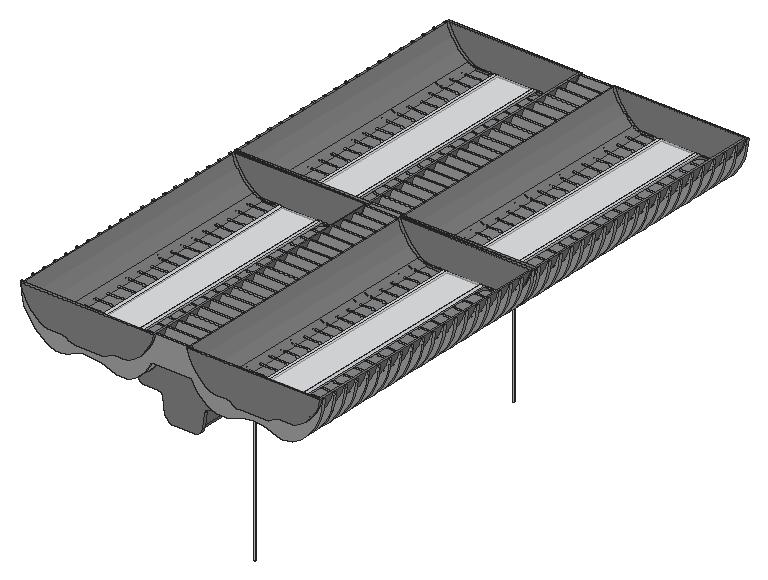
Revit family "0039271 Feilo Sylvania Lighting Fixtures SYLBAY LED 4000K 37KLM AISLE DALI", category Lighting Fixtures, host Face, Revit 2017
Family settings
  Host = Face
  Round Connector Dimension = Use Diameter
  Part Type = Normal
  OmniClass Number = 23.80.70.00
  OmniClass Title = Lighting
  Cut with Voids When Loaded = No
  Light Source = Yes
  Shared = No
  Room Calculation Point = No
Parameters (values of type "0039271 SYLBAY LED 4000K 37KLM AISLE DALI")
  WireRadius_FEILO = 1 mm
  Weight = "8.9 kg"
  Wattage Comments = "n/a"
  Wattage = 290 W
  WarrantyStartDate [instance] = "n/a"
  WarrantyGuarantorParts = "n/a"
  WarrantyDurationUnit = "n/a"
  WarrantyDurationParts = "n/a"
  WarrantyDescription = "n/a"
  built-in parameter 1150110 = 1 (stored number, unit not read)
  Voltage = 230 V
  URL = "http://www.sylvania-lighting.com"
  TypeName = "SYLBAY LED 4000K 37KLM AISLE DALI"
  Type Image = <None>
  Type Comments = "n/a"
  built-in parameter 1114217 = 1 (stored number, unit not read)
  Tilt Angle = -90.00°
  built-in parameter 1150109 = 1 (stored number, unit not read)
  built-in parameter 1150134 = 12
  SuspensionHeight_FEILO [instance] = if(SurfaceMounted_FEILO, 107 mm, SuspensionHeightEntry_FEILO)  # 300 mm
  SuspensionHeightEntry_FEILO [instance] = 300 mm
  SurfaceMounted_FEILO [instance] = no
  built-in parameter 1150113 = 1 (stored number, unit not read)
  SerialNumber [instance] = "n/a"
  ReflectorMaterial = none
  PowerFactor = 0
  PowerConsumption = "290 W"
  Photometric Web File = "0039271.ies"
  NominalLength = 650 mm
  NominalHeight = 105 mm
  NominalDepth = 375 mm
  Name = "SYLBAY LED 4000K 37KLM AISLE DALI"
  ModelReference = "SYLBAY LED 4000K 37KLM AISLE DALI"
  ModelNumber = "0039271"
  Model = "SYLBAY LED 4000K 37KLM AISLE DALI"
  Material = "aluminium housing"
  ManufacturerName = "Feilo Sylvania"
  Manufacturer = "Feilo Sylvania"
  LuminousEfficacy = "126.7 lm/W"
  built-in parameter 1150105 = 44975.8 (stored number, unit not read)
  Lumens = 36743 lm
  LuminaireType = ""
  built-in parameter 1150115 = 1 (stored number, unit not read)
  LightOutputRatio = "100"
  built-in parameter 1150137 = (empty or 0)
  built-in parameter 1150139 = (empty or 0)
  LampsType = Lamp  # "LED"
  LampNominalLuminous = "36616 lm"
  LampMacAdamStep = "n/a"
  LampColourTemperature = "4000 K"
  LampColourRenderingIndex = "80"
  built-in parameter 1150112 = 1 (stored number, unit not read)
  built-in parameter 1150114 = 1 (stored number, unit not read)
  Lamp = "LED"
  Keynote = "16500"
  InstallationDate [instance] = "n/a"
  InputVoltage = "220-240V~"
  InputNominalFrequency = "50/60 Hz"
  built-in parameter 1150132 = (empty or 0)
  built-in parameter 1150102 = (empty or 0)
  built-in parameter 1150107 = 4000 (stored number, unit not read)
  built-in parameter 1150138 = (empty or 0)
  IngressProtection = "IP65"
  ImpactProtectionIndex = "IK08"
  built-in parameter 1150106 = 449.76 (stored number, unit not read)
  IfcExportType = "IfcLightFixtureType"
  IfcExportAs = "IfcLightFixtureType"
  ExpectedLife = 50000
  Emit from Rectangle Width = 365 mm
  Emit from Rectangle Length = 645 mm
  Emit Shape Visible in Rendering = no
  ElectricShockClassification = "Class I"
  built-in parameter 1150104 = 11.771 (stored number, unit not read)
  DurationUnit = "hours"
  DocumentationLiterature = "http://www.sylvania-lighting.com/product/en-int/products/0039271"
  DimmingControlOptions = "Dimmable"
  Dimming Lamp Color Temperature Shift = <None>
  DiffuserMaterial = Diffuser-Sylvania-Sylbay-Transparent
  Description = "Specification industrial high bay luminaire, robust and durable, slim design, high output and efficiency, lightweight, aluminium housing with shatter-resistant polycarbonate lens optic, 36,600 lumens, 290W, 126lm/W, 4000K, 2100mA (x2), CRI 80, aisle beam optic, DALI dimmable, IP65, IK08, 100,000 hrs (L90B10), (LxWxH) 665x375x105mm, 3 step MacAdam ellipse, 8.9kg, aluminium finish, Class 1, 220-240V, integrated LED, energy class: A++, A+, A."
  Default Elevation = 1219.2 mm
  CreatedOn = "17/11/2017"
  CreatedBy = ""
  Cost = 0
  Color Filter = 16777215
  built-in parameter 1114216 [instance] = (empty or 0)
  BodyMaterial = Body-Sylvania-Sylbay-Aluminium
  BarCode [instance] = "n/a"
  built-in parameter 1114218 = 1 (stored number, unit not read)
  built-in parameter 1150133 = 10 (stored number, unit not read)
  AssetType = "Fixed"
  AssetIdentifier [instance] = "n/a"
  Assembly Code = "D5020200"
  Apparent Load = 290 VA
  AccessoryMaterial = Accesory-Sylvania-Sylbay-White
Reference planes
  plane 1 "Center (Front/Back)": y = 0
  plane 2: z = 0
  plane 3 "Center (Left/Right)": x = 0
  plane 4: z = 300
  plane 5: y = -307
  plane 6: y = 200
  plane 7: y = -200
  plane 8: z = 237.522
  plane 9: z = 246.272
  plane 10: z = 227.522
  plane 11: z = 266.272
  plane 12: z = 256.272
  plane 13: z = 262.272
  plane 14: y = 307
  plane 15: y = -1
  plane 16: y = 1
  plane 17: y = -310
  plane 18: y = 310
  plane 19: z = 195
  plane 20: z = 193
Forms (mm)
  Extrusion 1, solid, material "Accesory-Sylvania-Sylbay-White" <- "AccessoryMaterial"
    sketch origin (0, 0, 0) x (1, 0, 0) y (0, 0, 1)
      loop
        arc (-39.258, 246.272) -> (-44.534, 242.283) -> (-50.507, 239.445) r 32.519
        arc (-50.507, 239.445) -> (-54.463, 232.388) -> (-48, 227.522) r 6.147
        line (-48, 227.522) -> (-32.102, 227.522)
        arc (-32.102, 227.522) -> (-26.92, 225.616) -> (-24.206, 220.808) r 8
        line (-24.206, 220.808) -> (-21.094, 201.713)
        arc (-21.094, 201.713) -> (-18.38, 196.905) -> (-13.198, 195) r 8
        line (-13.198, 195) -> (13.198, 195)
        arc (13.198, 195) -> (18.393, 196.916) -> (21.099, 201.746) r 8
        line (21.099, 201.746) -> (24.206, 220.808)
        arc (24.206, 220.808) -> (26.92, 225.616) -> (32.102, 227.522) r 8
        line (32.102, 227.522) -> (48, 227.522)
        arc (48, 227.522) -> (54.463, 232.388) -> (50.507, 239.445) r 6.147
        arc (50.507, 239.445) -> (44.534, 242.283) -> (39.258, 246.272) r 32.519
        arc (39.258, 246.272) -> (31.199, 255.531) -> (25.254, 266.272) r 58.361
        line (25.254, 266.272) -> (-25.254, 266.272)
        arc (-25.254, 266.272) -> (-31.199, 255.531) -> (-39.258, 246.272) r 58.361
    from -307 to 307
  Extrusion 2, solid, material "Body-Sylvania-Sylbay-Aluminium" <- "BodyMaterial", detail levels medium+fine
    sketch origin (0, 0, 0) x (1, 0, 0) y (0, 0, 1)
      loop
        arc (-32.102, 225.522) -> (-28.215, 224.093) -> (-26.18, 220.487) r 6
        line (-26.18, 220.487) -> (-23.068, 201.392)
        arc (-23.068, 201.392) -> (-19.676, 195.381) -> (-13.198, 193) r 10
        line (-13.198, 193) -> (13.198, 193)
        arc (13.198, 193) -> (19.69, 195.393) -> (23.074, 201.428) r 10
        line (23.074, 201.428) -> (26.18, 220.487)
        arc (26.18, 220.487) -> (28.215, 224.093) -> (32.102, 225.522) r 6
        line (32.102, 225.522) -> (47.932, 225.522)
        arc (47.932, 225.522) -> (54.718, 228.451) -> (56.343, 235.661) r 8.147
        arc (56.343, 235.661) -> (55.292, 237.506) -> (53.445, 238.553) r 4
        arc (53.445, 238.553) -> (45.865, 241.518) -> (39.258, 246.272) r 32.519
        arc (39.258, 246.272) -> (32.89, 253.237) -> (27.728, 261.137) r 58.361
        arc (27.728, 261.137) -> (25.523, 263.429) -> (22.456, 264.272) r 6
        line (22.456, 264.272) -> (-22.456, 264.272)
        arc (-22.456, 264.272) -> (-25.523, 263.429) -> (-27.728, 261.137) r 6
        arc (-27.728, 261.137) -> (-32.89, 253.237) -> (-39.258, 246.272) r 58.361
        arc (-39.258, 246.272) -> (-45.865, 241.518) -> (-53.445, 238.553) r 32.519
        arc (-53.445, 238.553) -> (-55.292, 237.506) -> (-56.343, 235.661) r 4
        arc (-56.343, 235.661) -> (-54.718, 228.451) -> (-47.932, 225.522) r 8.147
        line (-47.932, 225.522) -> (-32.102, 225.522)
    from 307 to 310
  Extrusion 3, solid, detail levels medium+fine
    sketch origin (0, 0, 0) x (1, 0, 0) y (0, 0, 1)
      loop
        line (-47.932, 225.522) -> (-32.102, 225.522)
        arc (-32.102, 225.522) -> (-28.215, 224.093) -> (-26.18, 220.487) r 6
        line (-26.18, 220.487) -> (-23.068, 201.392)
        arc (-23.068, 201.392) -> (-19.676, 195.381) -> (-13.198, 193) r 10
        line (-13.198, 193) -> (13.198, 193)
        arc (13.198, 193) -> (19.69, 195.393) -> (23.074, 201.428) r 10
        line (23.074, 201.428) -> (26.18, 220.487)
        arc (26.18, 220.487) -> (28.215, 224.093) -> (32.102, 225.522) r 6
        line (32.102, 225.522) -> (47.932, 225.522)
        arc (47.932, 225.522) -> (54.718, 228.451) -> (56.343, 235.661) r 8.147
        arc (56.343, 235.661) -> (55.292, 237.506) -> (53.445, 238.553) r 4
        arc (53.445, 238.553) -> (45.865, 241.518) -> (39.258, 246.272) r 32.519
        arc (39.258, 246.272) -> (32.89, 253.237) -> (27.728, 261.137) r 58.361
        arc (27.728, 261.137) -> (25.523, 263.429) -> (22.456, 264.272) r 6
        line (22.456, 264.272) -> (-22.456, 264.272)
        arc (-22.456, 264.272) -> (-25.523, 263.429) -> (-27.728, 261.137) r 6
        arc (-27.728, 261.137) -> (-32.89, 253.237) -> (-39.258, 246.272) r 58.361
        arc (-39.258, 246.272) -> (-45.865, 241.518) -> (-53.445, 238.553) r 32.519
        arc (-53.445, 238.553) -> (-55.292, 237.506) -> (-56.343, 235.661) r 4
        arc (-56.343, 235.661) -> (-54.718, 228.451) -> (-47.932, 225.522) r 8.147
    from -310 to -307
  Extrusion 4, solid
    sketch origin (-316.531, -4572, 195) x (-1, 0, 0) y (0, -1, 0)
      loop
        circle (-316.531, -4772) r 1
      loop
        circle (-316.531, -4372) r 1
    from 0 to -195
Dimensions and locks
  "SuspensionHeight_FEILO": plane 4 to plane 2
  equal spacing: plane 7, plane 1 "Center (Front/Back)", plane 6
  locked: plane 1 "Center (Front/Back)" to plane 6 at 200
  locked: plane 4 to plane 8 at 62.478
  locked: plane 4 to plane 9 at 53.728
  plane 4 to plane 10 = 72.478 mm
  locked: plane 4 to plane 11 at 33.728
  locked: plane 12 to plane 9 at 10
  locked: plane 13 to plane 12 at 6
  locked: plane 3 "Center (Left/Right)" to Extrusion 1 sketch curve at 48.447
  locked: Extrusion 1 sketch curve to plane 3 "Center (Left/Right)" at 48.447
  locked: plane 4 to Extrusion 1 sketch curve at 66.347  (x2)
  Extrusion 1 sketch curve to plane 3 "Center (Left/Right)" to Extrusion 1 sketch curve = 13.198 mm locked, 13.198 mm locked
  Extrusion 1 sketch curve to plane 3 "Center (Left/Right)" to Extrusion 1 sketch curve = 32.102 mm locked, 32.102 mm locked
  locked: plane 4 to Extrusion 1 sketch curve at 97  (x2)
  locked: plane 4 to Extrusion 1 sketch curve at 80.478  (x2)
  equal spacing: plane 15, plane 1 "Center (Front/Back)", plane 16
  locked: plane 10 to Extrusion 2 sketch curve at 2
  plane 10 to Extrusion 2 sketch curve = 2 mm
  locked: Extrusion 2 sketch curve to Extrusion 1 at 2  (x2)
  locked: Extrusion 2 sketch curve to plane 3 "Center (Left/Right)" at 52.466
  locked: plane 3 "Center (Left/Right)" to Extrusion 2 sketch curve at 52.466
  locked: plane 4 to Extrusion 2 sketch curve at 65.325  (x2)
  locked: plane 4 to Extrusion 2 sketch curve at 41.728  (x2)
  locked: plane 3 "Center (Left/Right)" to Extrusion 2 sketch curve at 22.456
  locked: Extrusion 2 sketch curve to plane 3 "Center (Left/Right)" at 22.456
  locked: plane 4 to plane 19 at 105
  locked: plane 19 to plane 20 at 2
  locked: plane 1 "Center (Front/Back)" to plane 18 at 310
  locked: plane 14 to plane 18 at 3
  locked: plane 17 to plane 1 "Center (Front/Back)" at 310
  locked: plane 17 to plane 5 at 3
  locked: plane 15 to plane 1 "Center (Front/Back)" at 1
  "WireRadius_FEILO": radius of Extrusion 4 sketch curve  (x2)
  aligned and locked: plane 2 to host face
  aligned and locked: level to host face
  aligned and locked: plane 10 to Extrusion 1 sketch curve
  aligned and locked: plane 5 to Extrusion 1
  aligned and locked: Extrusion 1 to plane 14
  aligned and locked: imposter light to plane 4
  aligned and locked: plane 3 "Center (Left/Right)" to imposter light
  aligned and locked: plane 1 "Center (Front/Back)" to imposter light
  aligned and locked: plane 17 to Extrusion 2
  aligned and locked: Extrusion 2 to plane 5
  aligned and locked: Extrusion 3 sketch curve to Extrusion 2  (x15)
  aligned and locked: Extrusion 3 to Extrusion 1
  aligned and locked: Extrusion 3 to plane 18
  aligned and locked: Extrusion 1 sketch curve to plane 19
  aligned and locked: plane 7 to Extrusion 4 sketch curve
  aligned and locked: plane 3 "Center (Left/Right)" to Extrusion 4 sketch curve  (x2)
  aligned and locked: plane 6 to Extrusion 4 sketch curve
  aligned and locked: Extrusion 1 to Extrusion 4
  aligned and locked: Extrusion 4 to level
  aligned and locked: plane 20 to Extrusion 2 sketch curve
  aligned and locked: plane 3 "Center (Left/Right)" to nested 1
  aligned and locked: plane 3 "Center (Left/Right)" to nested 22
  aligned and locked: plane 15 to nested 22
  aligned and locked: plane 16 to nested 1
Automatic sketch dimensions
  host sketch curve to host sketch curve = 2438.4 mm  (x2)
  Extrusion 1 sketch curve to plane 9 = 0 mm  (x4)
  Extrusion 1 sketch curve to plane 10 = 0 mm
  plane 11 to Extrusion 1 sketch curve = 3.811 mm
  Extrusion 1 sketch curve to Extrusion 1 sketch curve = 36.151 mm  (x2)
  Extrusion 1 sketch curve to plane 4 = 10.994 mm  (x2)
  Extrusion 1 sketch curve to plane 11 = 0 mm
  plane 9 to Extrusion 1 sketch curve = 23.811 mm
  Extrusion 1 sketch curve to plane 10 = 6.713 mm  (x2)
  plane 19 to Extrusion 1 sketch curve = 6.713 mm
  Extrusion 3 sketch curve to plane 10 = 7.035 mm  (x2)
  plane 19 to Extrusion 3 sketch curve = 6.392 mm
  plane 19 to Extrusion 1 sketch curve = 6.746 mm
  plane 19 to Extrusion 3 sketch curve = 6.428 mm
  plane 3 "Center (Left/Right)" to Extrusion 1 sketch curve = 25.254 mm
  Extrusion 1 sketch curve to Extrusion 1 sketch curve = 0.447 mm  (x2)
  Extrusion 1 sketch curve to Extrusion 1 sketch curve = 12.959 mm
  Extrusion 2 sketch curve to plane 9 = 0 mm  (x4)
  plane 11 to Extrusion 2 sketch curve = 3.811 mm  (x2)
  Extrusion 2 sketch curve to Extrusion 2 sketch curve = 8.939 mm  (x2)
  Extrusion 2 sketch curve to plane 4 = 10.994 mm  (x2)
  Extrusion 2 sketch curve to Extrusion 2 sketch curve = 17.6 mm  (x2)
  Extrusion 2 sketch curve to Extrusion 2 sketch curve = 4.02 mm  (x2)
  Extrusion 2 sketch curve to Extrusion 2 sketch curve = 0.514 mm
  Extrusion 2 sketch curve to plane 10 = 8 mm
  Extrusion 2 sketch curve to plane 10 = 7.035 mm  (x2)
  plane 19 to Extrusion 2 sketch curve = 6.392 mm
  plane 19 to Extrusion 2 sketch curve = 8 mm
  plane 3 "Center (Left/Right)" to Extrusion 2 sketch curve = 13.198 mm
  plane 19 to Extrusion 2 sketch curve = 6.428 mm
  Extrusion 2 sketch curve to Extrusion 2 sketch curve = 5.922 mm
  Extrusion 2 sketch curve to Extrusion 2 sketch curve = 4.534 mm
  Extrusion 2 sketch curve to plane 8 = 3.869 mm  (x2)
  Extrusion 2 sketch curve to plane 11 = 2 mm
  Extrusion 2 sketch curve to Extrusion 2 sketch curve = 0 mm  (x2)
Nested families
  nested 1: "SylbayBody" at (0, 166, 266.272), type "SylbayBody"
  nested 2: "SlybayRib" at (0, 310.453, 300), type "SylbayRib"
  nested 3: "SlybayRib" at (0, 293.406, 300), type "SylbayRib"
  nested 4: "SlybayRib" at (0, 276.358, 300), type "SylbayRib"
  nested 5: "SlybayRib" at (0, 259.311, 300), type "SylbayRib"
  nested 6: "SlybayRib" at (0, 242.264, 300), type "SylbayRib"
  nested 7: "SlybayRib" at (0, 225.217, 300), type "SylbayRib"
  nested 8: "SlybayRib" at (0, 208.169, 300), type "SylbayRib"
  nested 9: "SlybayRib" at (0, 191.122, 300), type "SylbayRib"
  nested 10: "SlybayRib" at (0, 327.5, 300), type "SylbayRib"
  nested 11: "SlybayRib" at (0, 21.547, 300), type "SylbayRib"
  nested 12: "SlybayRib" at (0, 38.594, 300), type "SylbayRib"
  nested 13: "SlybayRib" at (0, 55.642, 300), type "SylbayRib"
  nested 14: "SlybayRib" at (0, 72.689, 300), type "SylbayRib"
  nested 15: "SlybayRib" at (0, 89.736, 300), type "SylbayRib"
  nested 16: "SlybayRib" at (0, 106.783, 300), type "SylbayRib"
  nested 17: "SlybayRib" at (0, 123.831, 300), type "SylbayRib"
  nested 18: "SlybayRib" at (0, 140.878, 300), type "SylbayRib"
  nested 19: "SlybayRib" at (0, 4.5, 300), type "SylbayRib"
  nested 20: "SlybayRib" at (0, 174.075, 300), type "SylbayRib"
  nested 21: "SlybayRib" at (0, 157.925, 300), type "SylbayRib"
  nested 22: "SylbayBody" at (0, -166, 266.272), type "SylbayBody"
  nested 23: "SlybayRib" at (0, -21.547, 300), type "SylbayRib"
  nested 24: "SlybayRib" at (0, -38.594, 300), type "SylbayRib"
  nested 25: "SlybayRib" at (0, -55.642, 300), type "SylbayRib"
  nested 26: "SlybayRib" at (0, -72.689, 300), type "SylbayRib"
  nested 27: "SlybayRib" at (0, -89.736, 300), type "SylbayRib"
  nested 28: "SlybayRib" at (0, -106.783, 300), type "SylbayRib"
  nested 29: "SlybayRib" at (0, -123.831, 300), type "SylbayRib"
  nested 30: "SlybayRib" at (0, -140.878, 300), type "SylbayRib"
  nested 31: "SlybayRib" at (0, -4.5, 300), type "SylbayRib"
  nested 32: "SlybayRib" at (0, -310.453, 300), type "SylbayRib"
  nested 33: "SlybayRib" at (0, -293.406, 300), type "SylbayRib"
  nested 34: "SlybayRib" at (0, -276.358, 300), type "SylbayRib"
  nested 35: "SlybayRib" at (0, -259.311, 300), type "SylbayRib"
  nested 36: "SlybayRib" at (0, -242.264, 300), type "SylbayRib"
  nested 37: "SlybayRib" at (0, -225.217, 300), type "SylbayRib"
  nested 38: "SlybayRib" at (0, -208.169, 300), type "SylbayRib"
  nested 39: "SlybayRib" at (0, -191.122, 300), type "SylbayRib"
  nested 40: "SlybayRib" at (0, -327.5, 300), type "SylbayRib"
  nested 41: "SlybayRib" at (0, -157.925, 300), type "SylbayRib"
  nested 42: "SlybayRib" at (0, -174.075, 300), type "SylbayRib"
Connectors
  electrical at (0, 0, 0), driven by "Apparent Load"
    settings: index 1, voltage 230 V, apparent load 290 VA, apparent load phase1 0 VA, apparent load phase2 0 VA, apparent load phase3 0 VA, power factor 0, load classification "Lighting", number of poles 1, system type 30, power factor state 1, is connector primary yes, connector utility no, sub classification motor no, connector description ""
Definition of nested family "SylbayBody"
  Parameters (values of type "SylbayBody")
    URL = "http://www.feilosylvania.com"
    Type Image = (empty or 0)
    Type Comments = "n/a"
    RibLast_FEILO = 161.5 mm
    RibDistance_FEILO = RibLast_FEILO / 10  # 16.15 mm
    ReflectorMaterial = none
    Model = ""
    Manufacturer = "Feilo Sylvania"
    Keynote = ""
    DiffuserMaterial = none
    Description = "n/a"
    Default Elevation = 1219.2 mm
    Cost = 0
    BodyMaterial = none
    Assembly Code = "D5020200"
    AccessoryMaterial = none
  Reference planes
    plane 1 "Center (Front/Back)": y = 0
    plane 2: z = 0
    plane 3 "Center (Left/Right)": x = 0
    plane 4: x = -187.5
    plane 5: x = 187.5
    plane 6: z = 33.728
    plane 7: y = -165
    plane 8: y = 165
    plane 9: y = -148
    plane 10: y = 160
    plane 11: y = -160
    plane 12: z = -28.75
    plane 13: z = -20
    plane 14: x = -102.75
    plane 15: x = 102.75
    plane 16: z = 0
    plane 17: x = -185.5
    plane 18: x = -20
    plane 19: z = -10
    plane 20: x = -122.75
    plane 21: x = -82.75
    plane 22: z = -4
    plane 23: x = -130.75
    plane 24: x = -74.75
    plane 25: x = -145.75
    plane 26: x = -59.75
    plane 27: x = -25.3
    plane 28: x = -183.5
    plane 29: x = -22
    plane 30: y = -163
    plane 31: y = 163
    plane 32: x = 25.3
    plane 33: x = -48
    plane 34: x = 48
    plane 35: x = 20
    plane 36: y = 148
    plane 37: y = -161.5
    plane 38: y = 161.5
    plane 39: y = -8.075
    plane 40: y = 8.075
    plane 41: y = -151
    plane 42: y = 151
    plane 43: y = 149
    plane 44: y = 152
    plane 45: z = -2
    plane 46: z = 0
  Forms (mm)
    Extrusion 1, solid
      sketch origin (4.2, 0, 0) x (1, 0, 0) y (0, 1, 0)
        loop
          line (-1219.2, 1219.2) -> (-1219.2, -1219.2) -> (1219.2, -1219.2) -> (1219.2, 1219.2) -> (-1219.2, 1219.2)
      from 0 to -304.8
    Extrusion 2, solid, material <- "BodyMaterial", detail levels coarse+medium
      sketch origin (0, 0, -234.25) x (1, 0, 0) y (0, 0, 1)
        loop
          arc (-187.5, 267.978) -> (-180.003, 237.85) -> (-159.829, 214.25) r 67.598
          arc (-159.829, 214.25) -> (-143.258, 206.411) -> (-125.169, 209.379) r 30.791
          arc (-125.169, 209.379) -> (-113.533, 213.402) -> (-101.25, 214.25) r 46.777
          arc (-101.25, 214.25) -> (-87.202, 212.214) -> (-73.664, 207.942) r 87.865
          arc (-73.664, 207.942) -> (-55.541, 206.076) -> (-39.258, 214.25) r 32.519
          arc (-39.258, 214.25) -> (-31.199, 223.509) -> (-25.254, 234.25) r 58.361
          line (-25.254, 234.25) -> (25.254, 234.25)
          arc (25.254, 234.25) -> (31.199, 223.509) -> (39.258, 214.25) r 58.361
          arc (39.258, 214.25) -> (55.541, 206.076) -> (73.664, 207.942) r 32.519
          arc (73.664, 207.942) -> (87.202, 212.214) -> (101.25, 214.25) r 87.865
          arc (101.25, 214.25) -> (113.533, 213.402) -> (125.169, 209.379) r 46.777
          arc (125.169, 209.379) -> (143.258, 206.411) -> (159.829, 214.25) r 30.791
          arc (159.829, 214.25) -> (180.003, 237.85) -> (187.5, 267.978) r 67.598
          line (187.5, 267.978) -> (185.5, 267.978)
          arc (185.5, 267.978) -> (176.042, 248.665) -> (160.084, 234.25) r 56.823
          arc (160.084, 234.25) -> (153.191, 231.269) -> (145.75, 230.25) r 27.682
          line (145.75, 230.25) -> (132.583, 230.25)
          arc (132.583, 230.25) -> (129.421, 229.737) -> (126.583, 228.25) r 10
          line (126.583, 228.25) -> (123.917, 226.25)
          arc (123.917, 226.25) -> (121.079, 224.763) -> (117.917, 224.25) r 10
          line (117.917, 224.25) -> (84.583, 224.25)
          arc (84.583, 224.25) -> (81.421, 224.763) -> (78.583, 226.25) r 10
          line (78.583, 226.25) -> (75.917, 228.25)
          arc (75.917, 228.25) -> (73.079, 229.737) -> (69.917, 230.25) r 10
          line (69.917, 230.25) -> (58.25, 230.25)
          arc (58.25, 230.25) -> (51.55, 231.273) -> (45.461, 234.25) r 22.443
          arc (45.461, 234.25) -> (30.027, 249.073) -> (20, 267.978) r 67.602
          line (20, 267.978) -> (-20, 267.978)
          arc (-20, 267.978) -> (-30.027, 249.073) -> (-45.461, 234.25) r 67.602
          arc (-45.461, 234.25) -> (-51.55, 231.273) -> (-58.25, 230.25) r 22.443
          line (-58.25, 230.25) -> (-69.917, 230.25)
          arc (-69.917, 230.25) -> (-73.079, 229.737) -> (-75.917, 228.25) r 10
          line (-75.917, 228.25) -> (-78.583, 226.25)
          arc (-78.583, 226.25) -> (-81.421, 224.763) -> (-84.583, 224.25) r 10
          line (-84.583, 224.25) -> (-117.917, 224.25)
          arc (-117.917, 224.25) -> (-121.079, 224.763) -> (-123.917, 226.25) r 10
          line (-123.917, 226.25) -> (-126.583, 228.25)
          arc (-126.583, 228.25) -> (-129.421, 229.737) -> (-132.583, 230.25) r 10
          line (-132.583, 230.25) -> (-145.75, 230.25)
          arc (-145.75, 230.25) -> (-153.191, 231.269) -> (-160.084, 234.25) r 27.682
          arc (-160.084, 234.25) -> (-176.042, 248.665) -> (-185.5, 267.978) r 56.823
          line (-185.5, 267.978) -> (-187.5, 267.978)
      from 160 to -160
    Extrusion 3, solid, material <- "BodyMaterial"
      sketch origin (0, 0, -234.25) x (1, 0, 0) y (0, 0, 1)
        loop
          arc (-145.75, 230.25) -> (-152.168, 231.276) -> (-157.947, 234.25) r 20.597
          arc (-157.947, 234.25) -> (-173.175, 249.257) -> (-183.5, 267.978) r 74.319
          line (-183.5, 267.978) -> (-185.5, 267.978)
          arc (-185.5, 267.978) -> (-176.042, 248.665) -> (-160.084, 234.25) r 56.823
          arc (-160.084, 234.25) -> (-153.191, 231.269) -> (-145.75, 230.25) r 27.682
        loop
          arc (-45.461, 234.25) -> (-30.027, 249.073) -> (-20, 267.978) r 67.602
          line (-20, 267.978) -> (-22, 267.978)
          arc (-22, 267.978) -> (-31.964, 249.398) -> (-46.63, 234.25) r 76.357
          arc (-46.63, 234.25) -> (-52.105, 231.278) -> (-58.25, 230.25) r 18.878
          arc (-58.25, 230.25) -> (-51.55, 231.273) -> (-45.461, 234.25) r 22.443
        loop
          arc (145.75, 230.25) -> (153.191, 231.269) -> (160.084, 234.25) r 27.682
          arc (160.084, 234.25) -> (176.042, 248.665) -> (185.5, 267.978) r 56.823
          line (185.5, 267.978) -> (183.5, 267.978)
          arc (183.5, 267.978) -> (173.175, 249.257) -> (157.947, 234.25) r 74.319
          arc (157.947, 234.25) -> (152.168, 231.276) -> (145.75, 230.25) r 20.597
        loop
          arc (45.461, 234.25) -> (51.55, 231.273) -> (58.25, 230.25) r 22.443
          arc (58.25, 230.25) -> (52.105, 231.278) -> (46.63, 234.25) r 18.878
          arc (46.63, 234.25) -> (31.964, 249.398) -> (22, 267.978) r 76.357
          line (22, 267.978) -> (20, 267.978)
          arc (20, 267.978) -> (30.027, 249.073) -> (45.461, 234.25) r 67.602
      from -160 to 160
    Extrusion 4, solid, material <- "BodyMaterial"
      sketch origin (0, -165, -843.85) x (0, 0, -1) y (1, 0, 0)
        loop
          arc (-837.85, -132.583) -> (-837.439, -130.054) -> (-836.25, -127.783) r 8
          line (-836.25, -127.783) -> (-834.25, -125.117)
          arc (-834.25, -125.117) -> (-832.466, -121.711) -> (-831.85, -117.917) r 12
          line (-831.85, -117.917) -> (-831.85, -84.583)
          arc (-831.85, -84.583) -> (-832.466, -80.789) -> (-834.25, -77.383) r 12
          line (-834.25, -77.383) -> (-836.25, -74.717)
          arc (-836.25, -74.717) -> (-837.439, -72.446) -> (-837.85, -69.917) r 8
          line (-837.85, -69.917) -> (-837.85, -58.25)
          arc (-837.85, -58.25) -> (-838.965, -50.953) -> (-842.206, -44.322) r 24.443
          arc (-842.206, -44.322) -> (-857.666, -28.923) -> (-877.578, -20) r 60.581
          line (-877.578, -20) -> (-877.578, -22)
          arc (-877.578, -22) -> (-858.998, -31.964) -> (-843.85, -46.63) r 76.357
          arc (-843.85, -46.63) -> (-840.878, -52.105) -> (-839.85, -58.25) r 18.878
          line (-839.85, -58.25) -> (-839.85, -69.917)
          arc (-839.85, -69.917) -> (-839.337, -73.079) -> (-837.85, -75.917) r 10
          line (-837.85, -75.917) -> (-835.85, -78.583)
          arc (-835.85, -78.583) -> (-834.363, -81.421) -> (-833.85, -84.583) r 10
          line (-833.85, -84.583) -> (-833.85, -117.917)
          arc (-833.85, -117.917) -> (-834.363, -121.079) -> (-835.85, -123.917) r 10
          line (-835.85, -123.917) -> (-837.85, -126.583)
          arc (-837.85, -126.583) -> (-839.337, -129.421) -> (-839.85, -132.583) r 10
          line (-839.85, -132.583) -> (-839.85, -145.75)
          arc (-839.85, -145.75) -> (-840.876, -152.168) -> (-843.85, -157.947) r 20.597
          arc (-843.85, -157.947) -> (-858.857, -173.175) -> (-877.578, -183.5) r 74.319
          line (-877.578, -183.5) -> (-877.578, -185.5)
          arc (-877.578, -185.5) -> (-857.235, -177.123) -> (-842.139, -161.119) r 52.287
          arc (-842.139, -161.119) -> (-838.942, -153.728) -> (-837.85, -145.75) r 29.682
          line (-837.85, -145.75) -> (-837.85, -132.583)
        loop
          line (-837.85, 132.583) -> (-837.85, 145.75)
          arc (-837.85, 145.75) -> (-838.942, 153.728) -> (-842.139, 161.119) r 29.682
          arc (-842.139, 161.119) -> (-857.235, 177.123) -> (-877.578, 185.5) r 52.287
          line (-877.578, 185.5) -> (-877.578, 183.5)
          arc (-877.578, 183.5) -> (-858.857, 173.175) -> (-843.85, 157.947) r 74.319
          arc (-843.85, 157.947) -> (-840.876, 152.168) -> (-839.85, 145.75) r 20.597
          line (-839.85, 145.75) -> (-839.85, 132.583)
          arc (-839.85, 132.583) -> (-839.337, 129.421) -> (-837.85, 126.583) r 10
          line (-837.85, 126.583) -> (-835.85, 123.917)
          arc (-835.85, 123.917) -> (-834.363, 121.079) -> (-833.85, 117.917) r 10
          line (-833.85, 117.917) -> (-833.85, 84.583)
          arc (-833.85, 84.583) -> (-834.363, 81.421) -> (-835.85, 78.583) r 10
          line (-835.85, 78.583) -> (-837.85, 75.917)
          arc (-837.85, 75.917) -> (-839.337, 73.079) -> (-839.85, 69.917) r 10
          line (-839.85, 69.917) -> (-839.85, 58.25)
          arc (-839.85, 58.25) -> (-840.878, 52.105) -> (-843.85, 46.63) r 18.878
          arc (-843.85, 46.63) -> (-858.998, 31.964) -> (-877.578, 22) r 76.357
          line (-877.578, 22) -> (-877.578, 20)
          arc (-877.578, 20) -> (-857.666, 28.923) -> (-842.206, 44.322) r 60.581
          arc (-842.206, 44.322) -> (-838.965, 50.953) -> (-837.85, 58.25) r 24.443
          line (-837.85, 58.25) -> (-837.85, 69.917)
          arc (-837.85, 69.917) -> (-837.439, 72.446) -> (-836.25, 74.717) r 8
          line (-836.25, 74.717) -> (-834.25, 77.383)
          arc (-834.25, 77.383) -> (-832.466, 80.789) -> (-831.85, 84.583) r 12
          line (-831.85, 84.583) -> (-831.85, 117.917)
          arc (-831.85, 117.917) -> (-832.466, 121.711) -> (-834.25, 125.117) r 12
          line (-834.25, 125.117) -> (-836.25, 127.783)
          arc (-836.25, 127.783) -> (-837.439, 130.054) -> (-837.85, 132.583) r 8
      from -2 to -5
    Extrusion 5, solid, material <- "BodyMaterial"
      sketch origin (0, 165, -843.85) x (0, 0, -1) y (1, 0, 0)
        loop
          line (-831.85, -117.917) -> (-831.85, -84.583)
          arc (-831.85, -84.583) -> (-832.466, -80.789) -> (-834.25, -77.383) r 12
          line (-834.25, -77.383) -> (-836.25, -74.717)
          arc (-836.25, -74.717) -> (-837.439, -72.446) -> (-837.85, -69.917) r 8
          line (-837.85, -69.917) -> (-837.85, -58.25)
          arc (-837.85, -58.25) -> (-838.965, -50.953) -> (-842.206, -44.322) r 24.443
          arc (-842.206, -44.322) -> (-857.666, -28.923) -> (-877.578, -20) r 60.581
          line (-877.578, -20) -> (-877.578, -22)
          arc (-877.578, -22) -> (-858.998, -31.964) -> (-843.85, -46.63) r 76.357
          arc (-843.85, -46.63) -> (-840.878, -52.105) -> (-839.85, -58.25) r 18.878
          line (-839.85, -58.25) -> (-839.85, -69.917)
          arc (-839.85, -69.917) -> (-839.337, -73.079) -> (-837.85, -75.917) r 10
          line (-837.85, -75.917) -> (-835.85, -78.583)
          arc (-835.85, -78.583) -> (-834.363, -81.421) -> (-833.85, -84.583) r 10
          line (-833.85, -84.583) -> (-833.85, -117.917)
          arc (-833.85, -117.917) -> (-834.363, -121.079) -> (-835.85, -123.917) r 10
          line (-835.85, -123.917) -> (-837.85, -126.583)
          arc (-837.85, -126.583) -> (-839.337, -129.421) -> (-839.85, -132.583) r 10
          line (-839.85, -132.583) -> (-839.85, -145.75)
          arc (-839.85, -145.75) -> (-840.876, -152.168) -> (-843.85, -157.947) r 20.597
          arc (-843.85, -157.947) -> (-858.857, -173.175) -> (-877.578, -183.5) r 74.319
          line (-877.578, -183.5) -> (-877.578, -185.5)
          arc (-877.578, -185.5) -> (-857.235, -177.123) -> (-842.139, -161.119) r 52.287
          arc (-842.139, -161.119) -> (-838.942, -153.728) -> (-837.85, -145.75) r 29.682
          line (-837.85, -145.75) -> (-837.85, -132.583)
          arc (-837.85, -132.583) -> (-837.439, -130.054) -> (-836.25, -127.783) r 8
          line (-836.25, -127.783) -> (-834.25, -125.117)
          arc (-834.25, -125.117) -> (-832.466, -121.711) -> (-831.85, -117.917) r 12
        loop
          line (-831.85, 84.583) -> (-831.85, 117.917)
          arc (-831.85, 117.917) -> (-832.466, 121.711) -> (-834.25, 125.117) r 12
          line (-834.25, 125.117) -> (-836.25, 127.783)
          arc (-836.25, 127.783) -> (-837.439, 130.054) -> (-837.85, 132.583) r 8
          line (-837.85, 132.583) -> (-837.85, 145.75)
          arc (-837.85, 145.75) -> (-838.942, 153.728) -> (-842.139, 161.119) r 29.682
          arc (-842.139, 161.119) -> (-857.235, 177.123) -> (-877.578, 185.5) r 52.287
          line (-877.578, 185.5) -> (-877.578, 183.5)
          arc (-877.578, 183.5) -> (-858.857, 173.175) -> (-843.85, 157.947) r 74.319
          arc (-843.85, 157.947) -> (-840.876, 152.168) -> (-839.85, 145.75) r 20.597
          line (-839.85, 145.75) -> (-839.85, 132.583)
          arc (-839.85, 132.583) -> (-839.337, 129.421) -> (-837.85, 126.583) r 10
          line (-837.85, 126.583) -> (-835.85, 123.917)
          arc (-835.85, 123.917) -> (-834.363, 121.079) -> (-833.85, 117.917) r 10
          line (-833.85, 117.917) -> (-833.85, 84.583)
          arc (-833.85, 84.583) -> (-834.363, 81.421) -> (-835.85, 78.583) r 10
          line (-835.85, 78.583) -> (-837.85, 75.917)
          arc (-837.85, 75.917) -> (-839.337, 73.079) -> (-839.85, 69.917) r 10
          line (-839.85, 69.917) -> (-839.85, 58.25)
          arc (-839.85, 58.25) -> (-840.878, 52.105) -> (-843.85, 46.63) r 18.878
          arc (-843.85, 46.63) -> (-858.998, 31.964) -> (-877.578, 22) r 76.357
          line (-877.578, 22) -> (-877.578, 20)
          arc (-877.578, 20) -> (-857.666, 28.923) -> (-842.206, 44.322) r 60.581
          arc (-842.206, 44.322) -> (-838.965, 50.953) -> (-837.85, 58.25) r 24.443
          line (-837.85, 58.25) -> (-837.85, 69.917)
          arc (-837.85, 69.917) -> (-837.439, 72.446) -> (-836.25, 74.717) r 8
          line (-836.25, 74.717) -> (-834.25, 77.383)
          arc (-834.25, 77.383) -> (-832.466, 80.789) -> (-831.85, 84.583) r 12
      from 2 to 5
    Extrusion 6, solid, material <- "BodyMaterial"
      sketch origin (0, 165, -843.85) x (0, 0, -1) y (1, 0, 0)
        loop
          arc (-842.206, -44.322) -> (-857.666, -28.923) -> (-877.578, -20) r 60.581
          line (-877.578, -20) -> (-877.578, -185.5)
          arc (-877.578, -185.5) -> (-857.235, -177.123) -> (-842.139, -161.119) r 52.287
          arc (-842.139, -161.119) -> (-838.942, -153.728) -> (-837.85, -145.75) r 29.682
          line (-837.85, -145.75) -> (-837.85, -132.583)
          arc (-837.85, -132.583) -> (-837.439, -130.054) -> (-836.25, -127.783) r 8
          line (-836.25, -127.783) -> (-834.25, -125.117)
          arc (-834.25, -125.117) -> (-832.466, -121.711) -> (-831.85, -117.917) r 12
          line (-831.85, -117.917) -> (-831.85, -84.583)
          arc (-831.85, -84.583) -> (-832.466, -80.789) -> (-834.25, -77.383) r 12
          line (-834.25, -77.383) -> (-836.25, -74.717)
          arc (-836.25, -74.717) -> (-837.439, -72.446) -> (-837.85, -69.917) r 8
          line (-837.85, -69.917) -> (-837.85, -58.25)
          arc (-837.85, -58.25) -> (-838.965, -50.953) -> (-842.206, -44.322) r 24.443
        loop
          arc (-877.578, 20) -> (-857.666, 28.923) -> (-842.206, 44.322) r 60.581
          arc (-842.206, 44.322) -> (-838.965, 50.953) -> (-837.85, 58.25) r 24.443
          line (-837.85, 58.25) -> (-837.85, 69.917)
          arc (-837.85, 69.917) -> (-837.439, 72.446) -> (-836.25, 74.717) r 8
          line (-836.25, 74.717) -> (-834.25, 77.383)
          arc (-834.25, 77.383) -> (-832.466, 80.789) -> (-831.85, 84.583) r 12
          line (-831.85, 84.583) -> (-831.85, 117.917)
          arc (-831.85, 117.917) -> (-832.466, 121.711) -> (-834.25, 125.117) r 12
          line (-834.25, 125.117) -> (-836.25, 127.783)
          arc (-836.25, 127.783) -> (-837.439, 130.054) -> (-837.85, 132.583) r 8
          line (-837.85, 132.583) -> (-837.85, 145.75)
          arc (-837.85, 145.75) -> (-838.942, 153.728) -> (-842.139, 161.119) r 29.682
          arc (-842.139, 161.119) -> (-857.235, 177.123) -> (-877.578, 185.5) r 52.287
          line (-877.578, 185.5) -> (-877.578, 20)
      from 0 to 2
    Extrusion 7, solid, material <- "BodyMaterial"
      sketch origin (0, -165, -843.85) x (0, 0, -1) y (1, 0, 0)
        loop
          line (-877.578, -20) -> (-877.578, -185.5)
          arc (-877.578, -185.5) -> (-857.235, -177.123) -> (-842.139, -161.119) r 52.287
          arc (-842.139, -161.119) -> (-838.942, -153.728) -> (-837.85, -145.75) r 29.682
          line (-837.85, -145.75) -> (-837.85, -132.583)
          arc (-837.85, -132.583) -> (-837.439, -130.054) -> (-836.25, -127.783) r 8
          line (-836.25, -127.783) -> (-834.25, -125.117)
          arc (-834.25, -125.117) -> (-832.466, -121.711) -> (-831.85, -117.917) r 12
          line (-831.85, -117.917) -> (-831.85, -84.583)
          arc (-831.85, -84.583) -> (-832.466, -80.789) -> (-834.25, -77.383) r 12
          line (-834.25, -77.383) -> (-836.25, -74.717)
          arc (-836.25, -74.717) -> (-837.439, -72.446) -> (-837.85, -69.917) r 8
          line (-837.85, -69.917) -> (-837.85, -58.25)
          arc (-837.85, -58.25) -> (-838.965, -50.953) -> (-842.206, -44.322) r 24.443
          arc (-842.206, -44.322) -> (-857.666, -28.923) -> (-877.578, -20) r 60.581
        loop
          line (-877.578, 185.5) -> (-877.578, 20)
          arc (-877.578, 20) -> (-857.666, 28.923) -> (-842.206, 44.322) r 60.581
          arc (-842.206, 44.322) -> (-838.965, 50.953) -> (-837.85, 58.25) r 24.443
          line (-837.85, 58.25) -> (-837.85, 69.917)
          arc (-837.85, 69.917) -> (-837.439, 72.446) -> (-836.25, 74.717) r 8
          line (-836.25, 74.717) -> (-834.25, 77.383)
          arc (-834.25, 77.383) -> (-832.466, 80.789) -> (-831.85, 84.583) r 12
          line (-831.85, 84.583) -> (-831.85, 117.917)
          arc (-831.85, 117.917) -> (-832.466, 121.711) -> (-834.25, 125.117) r 12
          line (-834.25, 125.117) -> (-836.25, 127.783)
          arc (-836.25, 127.783) -> (-837.439, 130.054) -> (-837.85, 132.583) r 8
          line (-837.85, 132.583) -> (-837.85, 145.75)
          arc (-837.85, 145.75) -> (-838.942, 153.728) -> (-842.139, 161.119) r 29.682
          arc (-842.139, 161.119) -> (-857.235, 177.123) -> (-877.578, 185.5) r 52.287
      from 0 to -2
    Extrusion 8, solid, detail levels medium+fine
      sketch origin (0, 0, -234.25) x (1, 0, 0) y (0, 0, 1)
        loop
          arc (-123.917, 226.25) -> (-121.079, 224.763) -> (-117.917, 224.25) r 10
          line (-117.917, 224.25) -> (-84.583, 224.25)
          arc (-84.583, 224.25) -> (-81.421, 224.763) -> (-78.583, 226.25) r 10
          line (-78.583, 226.25) -> (-75.917, 228.25)
          arc (-75.917, 228.25) -> (-75.417, 229.25) -> (-75.917, 230.25) r 1.25
          line (-75.917, 230.25) -> (-79.782, 230.25) -> (-79.782, 228.278) -> (-122.75, 228.278) -> (-122.75, 230.25) -> (-126.583, 230.25)
          arc (-126.583, 230.25) -> (-127.083, 229.25) -> (-126.583, 228.25) r 1.25
          line (-126.583, 228.25) -> (-123.917, 226.25)
        loop
          line (123.917, 226.25) -> (126.583, 228.25)
          arc (126.583, 228.25) -> (127.083, 229.25) -> (126.583, 230.25) r 1.25
          line (126.583, 230.25) -> (122.75, 230.25) -> (122.75, 228.278) -> (79.782, 228.278) -> (79.782, 230.25) -> (75.917, 230.25)
          arc (75.917, 230.25) -> (75.417, 229.25) -> (75.917, 228.25) r 1.25
          line (75.917, 228.25) -> (78.583, 226.25)
          arc (78.583, 226.25) -> (81.421, 224.763) -> (84.583, 224.25) r 10
          line (84.583, 224.25) -> (117.917, 224.25)
          arc (117.917, 224.25) -> (121.079, 224.763) -> (123.917, 226.25) r 10
      from -163 to 163
    Extrusion 9, solid, material <- "DiffuserMaterial", detail levels medium+fine
      sketch origin (0, 0, -234.25) x (1, 0, 0) y (0, 0, 1)
        loop
          line (-122.75, 230.25) -> (-122.75, 228.278) -> (-79.782, 228.278) -> (-79.782, 230.25) -> (-122.75, 230.25)
        loop
          line (79.782, 230.25) -> (79.782, 228.278) -> (122.75, 228.278) -> (122.75, 230.25) -> (79.782, 230.25)
      from -163 to 163
  Cuts and joins
    joined: Extrusion 3, Extrusion 4, Extrusion 5, Extrusion 6, Extrusion 7
  Dimensions and locks
    equal spacing: plane 5, plane 3 "Center (Left/Right)", plane 4
    locked: plane 5 to plane 4 at 375
    equal spacing: plane 7, plane 1 "Center (Front/Back)", plane 8
    locked: plane 7 to plane 8 at 330
    locked: plane 6 to plane 12 at 62.478
    locked: plane 6 to plane 13 at 53.728
    equal spacing: plane 15, plane 3 "Center (Left/Right)", plane 14
    plane 3 "Center (Left/Right)" to plane 14 = 102.75 mm
    locked: plane 6 to plane 16 at 33.728
    equal spacing: plane 18, plane 14, plane 17
    locked: plane 19 to plane 13 at 10
    equal spacing: plane 21, plane 14, plane 20
    locked: plane 14 to plane 20 at 20
    locked: plane 22 to plane 19 at 6
    equal spacing: plane 24, plane 14, plane 23
    locked: plane 20 to plane 23 at 8
    equal spacing: plane 26, plane 14, plane 25
    locked: plane 23 to plane 25 at 15
    locked: plane 18 to plane 27 at 5.3
    locked: plane 3 "Center (Left/Right)" to Extrusion 2 sketch curve at 83.982  (x2)
    locked: plane 3 "Center (Left/Right)" to Extrusion 2 sketch curve at 79.005  (x2)
    locked: plane 3 "Center (Left/Right)" to Extrusion 2 sketch curve at 119.907  (x2)
    locked: plane 3 "Center (Left/Right)" to Extrusion 2 sketch curve at 61.405  (x2)
    locked: plane 3 "Center (Left/Right)" to Extrusion 2 sketch curve at 138.973  (x2)
    locked: plane 3 "Center (Left/Right)" to Extrusion 2 sketch curve at 84.583  (x2)
    locked: plane 3 "Center (Left/Right)" to Extrusion 2 sketch curve at 117.917  (x2)
    locked: plane 3 "Center (Left/Right)" to Extrusion 2 sketch curve at 132.583  (x2)
    locked: plane 3 "Center (Left/Right)" to Extrusion 2 sketch curve at 69.917  (x2)
    locked: Extrusion 2 sketch curve to plane 6 at 21.825  (x2)
    locked: Extrusion 2 sketch curve to plane 6 at 0.822  (x2)
    locked: plane 6 to Extrusion 2 sketch curve at 10.994  (x2)
    locked: plane 6 to Extrusion 2 sketch curve at 15.285  (x2)
    locked: plane 6 to Extrusion 2 sketch curve at 31.076  (x2)
    locked: plane 6 to Extrusion 2 sketch curve at 33.728  (x4)
    locked: plane 6 to Extrusion 2 sketch curve at 29.917  (x2)
    locked: plane 6 to Extrusion 2 sketch curve at 47.728  (x4)
    locked: plane 6 to Extrusion 2 sketch curve at 100.413  (x2)
    locked: plane 6 to Extrusion 2 sketch curve at 141.419  (x2)
    locked: plane 3 "Center (Left/Right)" to Extrusion 2 sketch curve at 106.788  (x2)
    locked: plane 3 "Center (Left/Right)" to Extrusion 2 sketch curve at 104.198  (x2)
    locked: plane 3 "Center (Left/Right)" to Extrusion 2 sketch curve at 145.75  (x2)
    locked: plane 6 to Extrusion 2 sketch curve at 10.046  (x2)
    locked: Extrusion 2 sketch curve to plane 6 at 14.884  (x2)
    locked: plane 3 "Center (Left/Right)" to Extrusion 2 sketch curve at 130.661  (x2)
    equal spacing: plane 29, plane 14, plane 28
    locked: plane 28 to plane 17 at 2
    locked: plane 3 "Center (Left/Right)" to Extrusion 3 sketch curve at 58.25  (x2)
    locked: plane 3 "Center (Left/Right)" to Extrusion 3 sketch curve at 93.629  (x2)
    locked: plane 3 "Center (Left/Right)" to Extrusion 3 sketch curve at 113.936  (x2)
    locked: plane 3 "Center (Left/Right)" to Extrusion 3 sketch curve at 145.75  (x2)
    locked: plane 6 to Extrusion 3 sketch curve at 18.85  (x2)
    locked: plane 6 to Extrusion 3 sketch curve at 17.131  (x2)
    equal spacing: plane 11, plane 1 "Center (Front/Back)", plane 10
    plane 11 to plane 1 "Center (Front/Back)" = 160 mm
    equal spacing: plane 30, plane 1 "Center (Front/Back)", plane 31
    locked: plane 7 to plane 30 at 2
    locked: plane 22 to Extrusion 4 sketch curve at 2  (x4)
    locked: plane 19 to Extrusion 4 sketch curve at 2  (x2)
    locked: Extrusion 2 to Extrusion 4 sketch curve at 2  (x3)
    locked: Extrusion 4 sketch curve to Extrusion 2 at 2
    locked: Extrusion 8 sketch curve to plane 20 at 42.968
    locked: plane 22 to Extrusion 8 sketch curve at 1.972  (x2)
    locked: Extrusion 8 sketch curve to Extrusion 8 sketch curve at 42.968
    locked: plane 15 to Extrusion 8 sketch curve at 22.968
    equal spacing: plane 32, plane 3 "Center (Left/Right)", plane 27
    equal spacing: plane 34, plane 3 "Center (Left/Right)", plane 33
    plane 3 "Center (Left/Right)" to plane 33 = 48 mm
    equal spacing: plane 35, plane 3 "Center (Left/Right)", plane 18
    locked: plane 3 "Center (Left/Right)" to plane 18 at 20
    equal spacing: plane 9, plane 1 "Center (Front/Back)", plane 36
    locked: plane 9 to plane 1 "Center (Front/Back)" at 148
    equal spacing: plane 37, plane 1 "Center (Front/Back)", plane 38
    "RibLast_FEILO": plane 37 to plane 1 "Center (Front/Back)"
    equal spacing: plane 39, plane 1 "Center (Front/Back)", plane 40
    "RibDistance_FEILO": plane 39 to plane 40
    equal spacing: group 1, group 3, group 4, group 5, group 6, group 7, group 8, group 9, group 10, group 2  (x2)
    equal spacing: group 2, group 10, group 9, group 8, group 7, group 6, group 5, group 4, group 3, group 1
    equal spacing: group 11, group 13, group 14, group 15, group 16, group 17, group 18, group 19, group 20, group 12  (x3)
    equal spacing: plane 41, plane 1 "Center (Front/Back)", plane 42
    locked: plane 36 to plane 42 at 3
    locked: plane 36 to plane 43 at 1
    locked: plane 36 to plane 44 at 4
    locked: plane 16 to plane 45 at 2
    aligned and locked: plane 2 to Extrusion 1
    aligned and locked: level to Extrusion 1
    aligned and locked: plane 6 to Extrusion 2 sketch curve  (x2)
    aligned and locked: plane 4 to Extrusion 2 sketch curve
    aligned and locked: plane 22 to Extrusion 2 sketch curve
    aligned and locked: plane 19 to Extrusion 2 sketch curve
    aligned and locked: Extrusion 2 sketch curve to plane 22
    aligned and locked: plane 13 to Extrusion 2 sketch curve  (x3)
    aligned and locked: plane 11 to Extrusion 2
    aligned and locked: plane 17 to Extrusion 2 sketch curve
    aligned and locked: plane 25 to Extrusion 2 sketch curve
    aligned and locked: Extrusion 2 sketch curve to plane 6  (x3)
    aligned and locked: Extrusion 2 sketch curve to plane 16
    aligned and locked: Extrusion 3 sketch curve to Extrusion 2  (x5)
    aligned and locked: plane 16 to Extrusion 3 sketch curve
    aligned and locked: plane 28 to Extrusion 3 sketch curve
    aligned and locked: plane 6 to Extrusion 3 sketch curve  (x2)
    aligned and locked: plane 29 to Extrusion 3 sketch curve
    aligned and locked: Extrusion 3 sketch curve to plane 6  (x2)
    aligned and locked: Extrusion 2 to plane 10
    aligned and locked: Extrusion 3 to plane 10
    aligned and locked: plane 11 to Extrusion 3
    aligned and locked: Extrusion 4 sketch curve to Extrusion 3  (x6)
    aligned and locked: Extrusion 4 sketch curve to Extrusion 2  (x4)
    aligned and locked: Extrusion 4 to plane 11
    aligned and locked: Extrusion 5 sketch curve to Extrusion 4  (x36)
    aligned and locked: plane 10 to Extrusion 5
    aligned and locked: Extrusion 5 to plane 31
    aligned and locked: plane 30 to Extrusion 4
    aligned and locked: Extrusion 6 sketch curve to Extrusion 4  (x16)
    aligned and locked: Extrusion 6 sketch curve to Extrusion 2
    aligned and locked: Extrusion 6 sketch curve to Extrusion 3
    aligned and locked: plane 31 to Extrusion 6
    aligned and locked: Extrusion 6 to plane 8
    aligned and locked: Extrusion 7 sketch curve to Extrusion 6  (x18)
    aligned and locked: Extrusion 7 to plane 30
    aligned and locked: plane 7 to Extrusion 7
    aligned and locked: Extrusion 8 sketch curve to cut or joined group of Extrusion 3, Extrusion 4, Extrusion 5, Extrusion 6, Extrusion 7  (x3)
    aligned and locked: plane 22 to Extrusion 8 sketch curve  (x4)
    aligned and locked: Extrusion 8 sketch curve to plane 22  (x4)
    aligned and locked: plane 20 to Extrusion 8 sketch curve
    aligned and locked: Extrusion 8 to plane 31
    aligned and locked: plane 30 to Extrusion 8
    aligned and locked: Extrusion 9 sketch curve to Extrusion 8  (x8)
    aligned and locked: plane 30 to Extrusion 9
    aligned and locked: Extrusion 9 to plane 31
    aligned and locked: plane 3 "Center (Left/Right)" to nested 1
    aligned and locked: plane 39 to nested 1
    aligned and locked: plane 3 "Center (Left/Right)" to nested 2
    aligned and locked: plane 40 to nested 2
    aligned and locked: plane 2 to plane 46
    aligned and locked: plane 16 to level
  Automatic sketch dimensions
    Extrusion 1 sketch curve to Extrusion 1 sketch curve = 2438.4 mm  (x2)
    Extrusion 2 sketch curve to plane 16 = 0 mm  (x6)
    Extrusion 2 sketch curve to plane 13 = 0 mm  (x7)
    Extrusion 2 sketch curve to plane 35 = 0 mm
    Extrusion 2 sketch curve to plane 5 = 0 mm
    Extrusion 2 sketch curve to plane 19 = 0 mm
    Extrusion 2 sketch curve to plane 22 = 2 mm  (x3)
    Extrusion 2 sketch curve to plane 20 = 1.167 mm
    plane 19 to Extrusion 2 sketch curve = 2 mm  (x3)
    Extrusion 2 sketch curve to plane 24 = 1.167 mm
    Extrusion 3 sketch curve to plane 16 = 0 mm  (x11)
    Extrusion 3 sketch curve to plane 35 = 0 mm
    Extrusion 3 sketch curve to plane 22 = 0 mm  (x4)
    Extrusion 3 sketch curve to Extrusion 3 sketch curve = 9.647 mm
    Extrusion 3 sketch curve to Extrusion 3 sketch curve = 16.725 mm
    Extrusion 3 sketch curve to plane 5 = 2 mm
    Extrusion 4 sketch curve to Extrusion 4 sketch curve = 0 mm  (x13)
    Extrusion 4 sketch curve to plane 6 = 0 mm  (x2)
    Extrusion 4 sketch curve to plane 25 = 0 mm
    Extrusion 4 sketch curve to plane 16 = 0 mm  (x6)
    Extrusion 4 sketch curve to plane 22 = 0 mm  (x2)
    Extrusion 4 sketch curve to plane 19 = 0 mm
    Extrusion 4 sketch curve to plane 17 = 0 mm
    Extrusion 4 sketch curve to plane 18 = 0 mm
    Extrusion 4 sketch curve to plane 35 = 0 mm
    Extrusion 4 sketch curve to plane 15 = 9.121 mm
    plane 6 to Extrusion 4 sketch curve = 26.45 mm
    plane 15 to Extrusion 4 sketch curve = 11.186 mm
    Extrusion 4 sketch curve to Extrusion 4 sketch curve = 0.292 mm
    plane 6 to Extrusion 4 sketch curve = 14.412 mm  (x2)
    plane 21 to Extrusion 4 sketch curve = 3.909 mm
    Extrusion 4 sketch curve to plane 23 = 3.295 mm
    plane 6 to Extrusion 4 sketch curve = 9.292 mm  (x2)
    Extrusion 4 sketch curve to Extrusion 4 sketch curve = 7.085 mm  (x2)
    Extrusion 4 sketch curve to plane 6 = 10.046 mm
    plane 34 to Extrusion 4 sketch curve = 10.25 mm
    Extrusion 4 sketch curve to plane 6 = 15.285 mm
    plane 26 to Extrusion 4 sketch curve = 1.5 mm
    Extrusion 4 sketch curve to Extrusion 4 sketch curve = 3.565 mm  (x2)
    Extrusion 4 sketch curve to plane 22 = 2 mm  (x3)
    Extrusion 4 sketch curve to plane 24 = 1.167 mm
    Extrusion 4 sketch curve to Extrusion 4 sketch curve = 1.6 mm  (x3)
    plane 24 to Extrusion 4 sketch curve = 0.033 mm
    plane 19 to Extrusion 4 sketch curve = 2 mm  (x3)
    Extrusion 4 sketch curve to plane 20 = 1.167 mm
    plane 19 to Extrusion 4 sketch curve = 0.4 mm  (x4)
    Extrusion 4 sketch curve to plane 19 = 4 mm  (x2)
    Extrusion 4 sketch curve to Extrusion 4 sketch curve = 14.788 mm
    Extrusion 4 sketch curve to Extrusion 4 sketch curve = 20.109 mm
    Extrusion 4 sketch curve to plane 5 = 2 mm
    Extrusion 5 sketch curve to plane 22 = 2 mm  (x3)
    Extrusion 5 sketch curve to plane 24 = 1.167 mm
    Extrusion 5 sketch curve to Extrusion 5 sketch curve = 1.6 mm  (x3)
    plane 24 to Extrusion 5 sketch curve = 0.033 mm
    plane 19 to Extrusion 5 sketch curve = 2 mm  (x3)
    Extrusion 5 sketch curve to plane 20 = 1.167 mm
    plane 19 to Extrusion 5 sketch curve = 0.4 mm  (x4)
    plane 19 to Extrusion 6 sketch curve = 2.4 mm  (x3)
    plane 24 to Extrusion 6 sketch curve = 0.033 mm
    plane 19 to Extrusion 6 sketch curve = 0.4 mm  (x4)
    plane 19 to Extrusion 7 sketch curve = 2.4 mm  (x3)
    plane 24 to Extrusion 7 sketch curve = 0.033 mm
    plane 19 to Extrusion 7 sketch curve = 0.4 mm  (x4)
    Extrusion 8 sketch curve to plane 19 = 0 mm
    Extrusion 8 sketch curve to plane 16 = 0 mm  (x2)
    Extrusion 8 sketch curve to plane 20 = 1.167 mm
    Extrusion 8 sketch curve to plane 22 = 1 mm  (x3)
    Extrusion 8 sketch curve to plane 20 = 3.083 mm
    Extrusion 8 sketch curve to Extrusion 8 sketch curve = 0.75 mm  (x4)
    Extrusion 8 sketch curve to plane 22 = 2 mm  (x3)
    plane 19 to Extrusion 8 sketch curve = 2 mm  (x3)
    Extrusion 8 sketch curve to plane 24 = 1.167 mm
    Extrusion 8 sketch curve to Extrusion 8 sketch curve = 3.865 mm
    Extrusion 8 sketch curve to Extrusion 8 sketch curve = 0 mm
    Extrusion 8 sketch curve to Extrusion 8 sketch curve = 1.198 mm
    Extrusion 8 sketch curve to Extrusion 8 sketch curve = 4.833 mm
    Extrusion 8 sketch curve to Extrusion 8 sketch curve = 3.083 mm
  Nested families
    nested 1: "SlybayRib" at (0, -8.075, 33.728), type "SylbayRib", detail levels fine
    nested 2: "SlybayRib" at (0, 8.075, 33.728), type "SylbayRib", detail levels fine
    nested 3: "SlybayRib" at (0, -161.5, 33.728), type "SylbayRib", detail levels fine
    nested 4: "SlybayRib" at (0, -25.122, 33.728), type "SylbayRib", detail levels fine
    nested 5: "SlybayRib" at (0, -42.169, 33.728), type "SylbayRib", detail levels fine
    nested 6: "SlybayRib" at (0, -59.217, 33.728), type "SylbayRib", detail levels fine
    nested 7: "SlybayRib" at (0, -76.264, 33.728), type "SylbayRib", detail levels fine
    nested 8: "SlybayRib" at (0, -93.311, 33.728), type "SylbayRib", detail levels fine
    nested 9: "SlybayRib" at (0, -110.358, 33.728), type "SylbayRib", detail levels fine
    nested 10: "SlybayRib" at (0, -127.406, 33.728), type "SylbayRib", detail levels fine
    nested 11: "SlybayRib" at (0, -144.453, 33.728), type "SylbayRib", detail levels fine
    nested 12: "SlybayRib" at (0, 161.5, 33.728), type "SylbayRib", detail levels fine
    nested 13: "SlybayRib" at (0, 25.122, 33.728), type "SylbayRib", detail levels fine
    nested 14: "SlybayRib" at (0, 42.169, 33.728), type "SylbayRib", detail levels fine
    nested 15: "SlybayRib" at (0, 59.217, 33.728), type "SylbayRib", detail levels fine
    nested 16: "SlybayRib" at (0, 76.264, 33.728), type "SylbayRib", detail levels fine
    nested 17: "SlybayRib" at (0, 93.311, 33.728), type "SylbayRib", detail levels fine
    nested 18: "SlybayRib" at (0, 110.358, 33.728), type "SylbayRib", detail levels fine
    nested 19: "SlybayRib" at (0, 127.406, 33.728), type "SylbayRib", detail levels fine
    nested 20: "SlybayRib" at (0, 144.453, 33.728), type "SylbayRib", detail levels fine
  Connectors
    electrical at (0, 0, 0)
      settings: index 1, voltage 230 V, apparent load 145 VA, apparent load phase1 0 VA, apparent load phase2 0 VA, apparent load phase3 0 VA, power factor 0, load classification none, number of poles 1, system type 30, power factor state 1, is connector primary yes, connector utility no, sub classification motor no, connector description ""
  Definition of nested family "SlybayRib"
    Parameters (values of type "SylbayRib")
      URL = "http://www.feilosylvania.com"
      Type Image = (empty or 0)
      Type Comments = "n/a"
      RibThickness_FEILO = 2.5 mm
      RibExtrusionStart_FEILO = RibThickness_FEILO / 2  # 1.25 mm
      RibExtrusionEnd_FEILO = -RibThickness_FEILO / 2  # -1.25 mm
      RibDistance_FEILO = 0 mm
      Model = ""
      Manufacturer = "Feilo Sylvania"
      Keynote = ""
      Description = "n/a"
      Default Elevation = 1219.2 mm
      Cost = 0
      BodyMaterial = none
      Assembly Code = ""
    Reference planes
      plane 1 "Center (Front/Back)": y = 0
      plane 2: z = 0
      plane 3 "Center (Left/Right)": x = 0
      plane 4: x = -187.5
      plane 5: x = 187.5
      plane 6: z = 0
      plane 7: z = -62.478
      plane 8: z = -53.728
      plane 9: x = -102.75
      plane 10: x = 102.75
      plane 11: z = -33.728
      plane 12: x = -185.5
      plane 13: x = -20
      plane 14: z = -43.728
      plane 15: x = -122.75
      plane 16: x = -82.75
      plane 17: z = -37.728
      plane 18: x = -130.75
      plane 19: x = -74.75
      plane 20: x = -145.75
      plane 21: x = -59.75
      plane 22: x = -25.3
    Forms (mm)
      Extrusion 1, solid
        sketch origin (4.2, 0, 0) x (1, 0, 0) y (0, 1, 0)
          loop
            line (-1219.2, 1219.2) -> (-1219.2, -1219.2) -> (1219.2, -1219.2) -> (1219.2, 1219.2) -> (-1219.2, 1219.2)
        from 0 to -304.8
      Extrusion 2, solid, material <- "BodyMaterial"
        sketch origin (0, 0, 0) x (1, 0, 0) y (0, 0, 1)
          loop
            arc (-187.5, 0) -> (-180.003, -30.129) -> (-159.829, -53.728) r 67.598
            arc (-159.829, -53.728) -> (-143.258, -61.567) -> (-125.169, -58.599) r 30.791
            arc (-125.169, -58.599) -> (-113.533, -54.576) -> (-101.25, -53.728) r 46.777
            arc (-101.25, -53.728) -> (-87.202, -55.765) -> (-73.664, -60.037) r 87.865
            arc (-73.664, -60.037) -> (-55.541, -61.903) -> (-39.258, -53.728) r 32.519
            arc (-39.258, -53.728) -> (-31.199, -44.469) -> (-25.254, -33.728) r 58.361
            line (-25.254, -33.728) -> (25.254, -33.728)
            arc (25.254, -33.728) -> (31.199, -44.469) -> (39.258, -53.728) r 58.361
            arc (39.258, -53.728) -> (55.541, -61.903) -> (73.664, -60.037) r 32.519
            arc (73.664, -60.037) -> (87.202, -55.765) -> (101.25, -53.728) r 87.865
            arc (101.25, -53.728) -> (113.533, -54.576) -> (125.169, -58.599) r 46.777
            arc (125.169, -58.599) -> (143.258, -61.567) -> (159.829, -53.728) r 30.791
            arc (159.829, -53.728) -> (180.003, -30.129) -> (187.5, 0) r 67.598
            line (187.5, 0) -> (185.5, 0)
            arc (185.5, 0) -> (176.046, -19.314) -> (160.088, -33.728) r 56.788
            arc (160.088, -33.728) -> (153.193, -36.71) -> (145.75, -37.728) r 27.697
            line (145.75, -37.728) -> (132.583, -37.728)
            arc (132.583, -37.728) -> (129.421, -38.242) -> (126.583, -39.728) r 10
            line (126.583, -39.728) -> (123.917, -41.728)
            arc (123.917, -41.728) -> (121.079, -43.215) -> (117.917, -43.728) r 10
            line (117.917, -43.728) -> (84.583, -43.728)
            arc (84.583, -43.728) -> (81.421, -43.215) -> (78.583, -41.728) r 10
            line (78.583, -41.728) -> (75.917, -39.728)
            arc (75.917, -39.728) -> (73.079, -38.242) -> (69.917, -37.728) r 10
            line (69.917, -37.728) -> (58.25, -37.728)
            arc (58.25, -37.728) -> (51.55, -36.705) -> (45.461, -33.728) r 22.443
            arc (45.461, -33.728) -> (30.027, -18.905) -> (20, 0) r 67.602
            line (20, 0) -> (-20, 0)
            arc (-20, 0) -> (-30.027, -18.905) -> (-45.461, -33.728) r 67.602
            arc (-45.461, -33.728) -> (-51.55, -36.705) -> (-58.25, -37.728) r 22.443
            line (-58.25, -37.728) -> (-69.917, -37.728)
            arc (-69.917, -37.728) -> (-73.079, -38.242) -> (-75.917, -39.728) r 10
            line (-75.917, -39.728) -> (-78.583, -41.728)
            arc (-78.583, -41.728) -> (-81.421, -43.215) -> (-84.583, -43.728) r 10
            line (-84.583, -43.728) -> (-117.917, -43.728)
